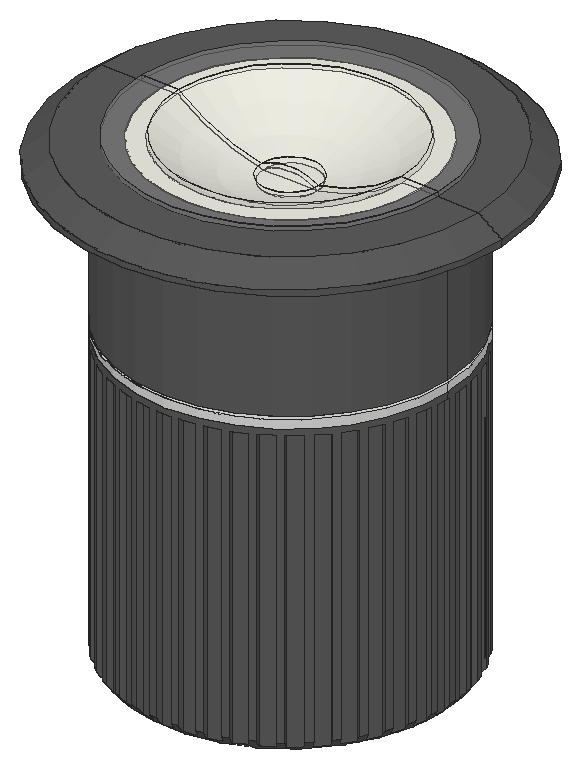
Revit family "STH7707_30", category Luminárias, Revit 2023
Family settings
  Hospedeiro = Piso
  Cota do conector redondo = Utilizar diâmetro
  Tipo de parte = Normal
  Sempre na vertical = Sim
  Corte com vazios quando carregada = Sim
  Fonte luminosa = Sim
  Manter orientação da anotação = Não
  Compartilhado = Não
  Ponto de cálculo do ambiente = Não
Parameters (values of type "STH7707/30 - BIVOLT")
  Ângulo de inclinação = -90.00°
  Ângulo de Abertura = "30°"
  Wattage = 4.30855 W
  Vidro = Vidro
  URL = "https://stella.com.br/"
  Troca de temperatura da cor de lâmpada com esmaecimento = <Nenhum>
  Tensão Elétrica = "100V-240V"
  built-in parameter 1150107 = 3000 (stored number, unit not read)
  Temperatura da cor (K) = 3000 K
  Silicone = Borracha Silicone
  Referência = "STH7707/30"
  Potência = 10 W
  built-in parameter 1150110 = 1 (stored number, unit not read)
  built-in parameter 1150109 = 1 (stored number, unit not read)
  built-in parameter 1114218 = 1 (stored number, unit not read)
  built-in parameter 1150112 = 1 (stored number, unit not read)
  built-in parameter 1150113 = 1 (stored number, unit not read)
  built-in parameter 1150142 = "IESNA:LM-63-2002\r\n[TEST] Viso LabSpion - serial: 0680502858 sensor serial: 0945471843\r\n[TESTLAB] Viso LabSpion - serial: 0680502858 sensor serial: 0945471843 - Test lab\r\n[MANUFAC] N/A\r\n[ISSUEDATE] 30/07/2019\r\n[LUMINAIRE] STELLA - STH7707/30 - FOCCO 30° 10W\r\n[LUMCAT] N/A\r\n[_SERIALNUMBER] VFR-190730-1499-MS\r\nTILT=NONE\r\n1 676 1 181 9 1 2 0 0.09 0\r\n1.0 1.0 8.70\r\n0 1 2 3 4 5 6 7 8 9 10 11 12 13 14 15 16 17 18 19 20 21 22 23 24 25 26 27 28 29 30 31 32 33 34 35 36 37 38 39 40 41 42 43 44 45 46 47 48 49 50 51 52 53 54 55 56 57 58 59 60 61 62 63 64 65 66 67 68 69 70 71 72 73 74 75 76 77 78 79 80\r\n 81 82 83 84 85 86 87 88 89 90 91 92 93 94 95 96 97 98 99 100 101 102 103 104 105 106 107 108 109 110 111 112 113 114 115 116 117 118 119 120 121 122 123 124 125 126 127 128 129 130 131 132 133 134 135 136 137 138 139 140 141 142 143\r\n 144 145 146 147 148 149 150 151 152 153 154 155 156 157 158 159 160 161 162 163 164 165 166 167 168 169 170 171 172 173 174 175 176 177 178 179 180\r\n0 45 90 135 180 225 270 315 360 \r\n1856.0199 1847.1835 1817.3619 1777.217 1724.5402 1665.691 1605.1017 1541.1315 1478.3694 1417.9963 1355.8226 1287.2196 1209.9009 1129.5828 1051.1929 972.9369 894.0386 817.6659 746.5861 677.5391 608.4795 541.2737 478.8666 420.511 364.7244\r\n 312.3313 265.0784 222.457 184.2324 150.9363 123.7519 102.2134 84.8084 71.2165 61.7821 55.7881 51.9483 48.9119 46.3843 43.5018 40.5577 37.924 35.2666 32.7321 30.3763 28.0172 25.8996 24.0838 22.2318 20.5965 19.1224 17.5588 16.0504 14.8783\r\n 13.8079 12.7658 11.7397 10.8731 10.1163 9.1395 8.5072 7.9668 7.3591 6.6978 6.1517 5.3485 4.7612 4.1447 3.7586 3.2577 2.9314 2.6545 2.4128 2.0972 1.8257 1.6465 1.5037 1.4739 1.2921 1.1655 1.1759 0.9953 0.7081 0.6934 0.6625 0.5284 0.4541\r\n 0.4117 0.4192 0.4479 0.4717 0.4825 0.4462 0.3614 0.4339 0.4837 0.5106 0.4625 0.5204 0.4274 0.412 0.3142 0.3695 0.3806 0.3502 0.3273 0.3094 0.2515 0.4178 0.4916 0.4258 0.3893 0.4652 0.4401 0.3051 0.3793 0.3704 0.4409 0.4206 0.3966\r\n 0.4245 0 0 0 0 0 0 0 0 0 0 0 0 0 0 0 0 0 0 0 0 0 0 0 0 0 0 0 0 0 0 0 0 0 0 0 0 0 0 0 0 0 0 0 0 0 0 0 0 0 0 0 0 0 0 0 0 0 0 0 0\r\n1856.0199 1825.1528 1789.0515 1744.5126 1697.5907 1649.5708 1602.0228 1553.3595 1499.623 1436.0052 1362.3562 1280.6261 1196.6544 1115.692 1035.3015 955.6879 877.5096 799.8171 723.7203 651.6221 583.0925 516.0641 450.1224 388.4779 331.8264\r\n 280.0741 233.9434 193.6578 159.0465 131.3544 109.251 92.7037 80.3707 71.7125 65.7534 61.4004 57.5777 54.2951 51.0788 48.0252 45.0069 41.8817 38.8638 35.7729 32.7461 29.8586 27.7605 25.2604 23.332 21.2191 19.6368 17.9993 16.4348 14.9947\r\n 13.8351 12.7774 11.7856 10.5775 9.361 8.4377 7.7489 7.2565 6.5232 5.825 5.2 4.6267 4.1968 3.763 3.3881 3.105 2.7698 2.5425 2.2703 1.9762 1.6727 1.5084 1.2808 1.1573 1.1287 0.9298 0.8693 0.9393 0.814 0.697 0.6511 0.4839 0.4554 0.5068\r\n 0.3182 0.4693 0.3892 0.4711 0.4545 0.3626 0.2626 0.2849 0.4756 0.3523 0.2973 0.4121 0.4537 0.3663 0.3365 0.4328 0.4943 0.4233 0.4208 0.4681 0.3657 0.4239 0.4054 0.3978 0.4272 0.3764 0.4231 0.3698 0.3417 0.4279 0.3652 0 0 0 0 0 0 0\r\n 0 0 0 0 0 0 0 0 0 0 0 0 0 0 0 0 0 0 0 0 0 0 0 0 0 0 0 0 0 0 0 0 0 0 0 0 0 0 0 0 0 0 0 0 0 0 0 0 0 0 0 0 0 0 0\r\n1856.0199 1826.103 1792.625 1751.9371 1708.1799 1663.1589 1616.3324 1570.0458 1519.8782 1460.087 1388.5355 1313.6702 1233.5322 1151.8995 1069.4246 987.8607 908.8546 833.1157 758.1766 682.6037 610.1344 541.7474 478.9739 419.1391 362.7729\r\n 310.2215 261.3725 218.154 181.4225 150.6304 125.1387 105.1671 90.1324 79.2654 71.2559 65.388 60.7431 56.9877 53.4586 50.2661 47.4177 44.4545 41.2764 37.9396 34.8294 32.0038 29.5699 27.1041 24.7842 22.5777 20.724 19.003 17.5949 16.1545\r\n 14.46 13.2325 11.9513 10.958 9.9031 8.9688 8.2345 7.3498 6.7069 6.2363 5.4581 4.9309 4.3527 3.8234 3.3488 3.1884 2.9613 2.6701 2.1655 1.8822 1.7797 1.4856 1.3865 1.0306 1.0697 0.9312 0.8352 0.7737 0.7074 0.6591 0.559 0.5057 0.5499\r\n 0.4764 0.3868 0.4131 0.4203 0.4939 0.4379 0.3893 0.434 0.3792 0.4292 0.5409 0.4608 0.3975 0.3794 0.4124 0.3687 0.3594 0.4064 0.4349 0.3625 0.3976 0.3053 0.3347 0.4176 0.3487 0.2391 0.3344 0.221 0.3649 0.3986 0.4327 0.2446 0 0 0 0\r\n 0 0 0 0 0 0 0 0 0 0 0 0 0 0 0 0 0 0 0 0 0 0 0 0 0 0 0 0 0 0 0 0 0 0 0 0 0 0 0 0 0 0 0 0 0 0 0 0 0 0 0 0 0 0 0 0 0 0\r\n1856.0199 1847.6857 1820.2887 1779.2296 1730.0377 1675.1775 1615.8706 1557.1313 1502.7097 1447.7246 1384.9869 1315.3824 1240.9352 1165.0938 1081.7012 1000.6268 924.1931 849.8394 778.8088 708.9875 640.3965 572.8216 507.9388 447.407\r\n 392.3639 340.5829 291.5989 246.4525 207.2686 173.3466 141.255 112.6517 90.8034 75.2182 64.204 56.5433 51.2392 47.6113 44.9361 42.3524 39.6165 37.1717 34.7885 32.4908 30.3108 28.3535 26.3718 24.3071 22.4277 20.805 19.2697 17.8016 16.3767\r\n 15.1789 13.9377 12.9719 12.0461 11.1192 10.0522 9.2436 8.0518 7.647 7.3967 6.481 5.6379 5.2506 4.5075 4.1281 3.7129 3.3773 3.0868 2.6496 2.2622 2.0892 1.848 1.5282 1.4833 1.2091 1.0936 1.0614 1.169 0.9589 0.7594 0.6724 0.6978 0.6847\r\n 0.502 0.4469 0.4503 0.3731 0.3684 0.4187 0.4317 0.3914 0.3539 0.3693 0.4026 0.441 0.4204 0.4599 0.4362 0.4616 0.5067 0.4359 0.3162 0.4255 0.4019 0.4507 0.4085 0.3004 0.4184 0.3519 0.4353 0.3731 0.4324 0.468 0.2973 0.3806 0 0 0 0 0\r\n 0 0 0 0 0 0 0 0 0 0 0 0 0 0 0 0 0 0 0 0 0 0 0 0 0 0 0 0 0 0 0 0 0 0 0 0 0 0 0 0 0 0 0 0 0 0 0 0 0 0 0 0 0 0 0 0 0 0\r\n1856.0199 1860.77 1845.4161 1809.3956 1760.9161 1698.6111 1628.2474 1549.8319 1468.0138 1386.9287 1311.1381 1241.6046 1175.2529 1105.7362 1038.6661 968.8865 897.6993 828.1138 763.5463 702.7675 643.6896 585.3491 526.8349 470.2564 414.7215\r\n 361.7335 312.7551 267.5748 227.6617 191.8671 158.5455 128.8885 103.9191 83.5635 68.6482 58.583 51.8245 47.6497 45.1229 42.9007 40.8944 39.1032 37.1289 35.2153 33.3632 31.5997 29.9531 28.2436 26.4352 24.7436 22.8621 21.4363 19.844\r\n 18.4199 16.8902 15.494 14.4777 13.0534 12.1374 10.6415 9.756 8.8858 8.0469 7.3653 6.6481 6.093 5.7358 5.0884 4.3353 3.9209 3.43 3.1072 2.677 2.4027 2.1328 1.8149 1.7578 1.5733 1.321 1.098 1.1145 1.0769 0.9048 0.795 0.8193 0.8133 0.6691\r\n 0.5265 0.4711 0.4704 0.4042 0.3766 0.4461 0.4938 0.4768 0.423 0.3633 0.4387 0.4083 0.4002 0.4436 0.3961 0.2935 0.4803 0.4846 0.5069 0.3689 0.305 0.4416 0.3855 0.4208 0.3823 0.5369 0.3741 0.5318 0.5847 0.4667 0.3658 0.4385 0.4391 0\r\n 0 0 0 0 0 0 0 0 0 0 0 0 0 0 0 0 0 0 0 0 0 0 0 0 0 0 0 0 0 0 0 0 0 0 0 0 0 0 0 0 0 0 0 0 0 0 0 0 0 0 0 0 0 0 0 0 0 0 0 0\r\n1856.0199 1865.9092 1859.3761 1834.3198 1790.812 1737.0959 1671.2288 1588.5221 1496.1554 1400.5186 1305.2876 1220.3638 1145.2244 1076.7704 1013.5199 951.5167 887.8338 824.2306 761.8156 701.7899 644.9415 589.5847 535.2971 482.6259 431.7222\r\n 382.9243 335.569 291.0806 251.0937 215.2421 184.3661 158.2541 135.0954 114.8022 97.395 84.3253 74.9741 68.4679 63.9647 61.029 58.8188 56.6248 54.4557 52.1754 49.8267 47.5129 45.1304 42.5259 39.7921 37.0822 34.2448 31.5585 29.053 26.4794\r\n 24.41 22.1284 20.2818 18.2617 16.5741 14.9744 13.0606 11.516 10.3561 8.9041 7.995 7.3956 6.7398 6.1212 5.4373 4.6857 4.1298 3.5845 3.1405 3.0249 2.6845 2.4027 2.2339 1.8484 1.5755 1.4422 1.2857 1.1433 1.1422 1.0137 0.8492 0.7933 0.6575\r\n 0.5512 0.5478 0.5555 0.5088 0.424 0.3455 0.4681 0.5101 0.4911 0.4232 0.4233 0.4307 0.44 0.4414 0.3511 0.4336 0.4361 0.3923 0.3672 0.2903 0.3242 0.4154 0.397 0.4056 0.4902 0.4124 0.4313 0.4504 0.4545 0.4095 0.3267 0.5005 0.4646 0.2755\r\n 0 0 0 0 0 0 0 0 0 0 0 0 0 0 0 0 0 0 0 0 0 0 0 0 0 0 0 0 0 0 0 0 0 0 0 0 0 0 0 0 0 0 0 0 0 0 0 0 0 0 0 0 0 0 0 0 0 0 0 0\r\n1856.0199 1853.9288 1841.287 1812.0833 1771.9635 1723.1543 1660.2004 1583.0002 1494.2102 1402.5355 1316.9117 1240.3091 1172.4996 1107.7903 1043.4028 978.1067 911.683 845.0784 778.9161 714.3756 651.645 592.5961 537.7528 486.5621 438.1349\r\n 391.0721 344.362 299.1681 256.8109 220.4763 189.3317 162.6137 140.8502 121.4161 103.8158 89.6494 79.6791 72.8668 68.7982 65.8871 63.0564 60.459 57.832 54.8825 52.1256 49.5822 46.9567 44.0133 41.2143 38.2465 35.6656 32.8948 30.4993\r\n 27.9141 25.578 23.536 21.424 19.6431 17.8829 16.0242 14.1612 12.5516 10.8243 9.493 8.5697 7.6801 7.057 6.3145 5.6732 5.0385 4.3397 3.8433 3.3826 3.2314 2.9464 2.4422 2.1792 2.0811 1.8675 1.5021 1.2892 1.0321 1.0827 1.0336 0.9833 0.8015\r\n 0.6964 0.6394 0.6352 0.3659 0.4002 0.4267 0.4895 0.3721 0.3585 0.293 0.3572 0.4099 0.3993 0.2382 0.2251 0.3596 0.5012 0.43 0.3829 0.4628 0.4455 0.3917 0.3301 0.403 0.3865 0.3873 0.3992 0.4498 0.4515 0.4704 0.3643 0.3731 0.3034 0.3805\r\n 0.4205 0 0 0 0 0 0 0 0 0 0 0 0 0 0 0 0 0 0 0 0 0 0 0 0 0 0 0 0 0 0 0 0 0 0 0 0 0 0 0 0 0 0 0 0 0 0 0 0 0 0 0 0 0 0 0 0 0 0 0 0\r\n1856.0199 1857.7695 1840.4025 1809.324 1767.3339 1708.1671 1632.7443 1553.556 1480.0428 1408.1226 1339.6731 1274.0771 1207.4926 1139.9257 1071.0289 998.4841 924.1899 850.6431 779.8419 713.2171 650.212 587.706 527.3264 469.958 415.6924\r\n 364.6761 315.8761 271.8439 232.8672 198.4987 166.4629 137.0346 112.1468 93.4337 78.7906 68.229 61.8869 57.8573 54.9566 52.1521 49.7273 46.9084 44.4874 42.2496 39.8803 37.6109 35.5296 32.9958 30.7348 28.5121 26.6888 24.7336 22.8375\r\n 21.1941 19.3873 17.9334 16.3212 14.9954 13.4366 12.0557 10.802 9.6856 8.7785 7.9994 7.3978 6.6495 5.9004 5.2523 4.5963 4.1332 3.7189 3.3319 3.0333 2.7478 2.3759 2.0098 1.783 1.6138 1.5236 1.352 1.0886 1.0723 0.8863 0.7621 0.8 0.8046\r\n 0.7802 0.5732 0.5075 0.4674 0.3598 0.276 0.4066 0.4592 0.3823 0.3813 0.4607 0.4836 0.4335 0.4442 0.3608 0.3968 0.2273 0.4518 0.3183 0.3189 0.4197 0.3553 0.3524 0.3316 0.3522 0.3371 0.4286 0.4417 0.4211 0.3532 0.3935 0.4908 0.43 0.4119\r\n 0.3668 0 0 0 0 0 0 0 0 0 0 0 0 0 0 0 0 0 0 0 0 0 0 0 0 0 0 0 0 0 0 0 0 0 0 0 0 0 0 0 0 0 0 0 0 0 0 0 0 0 0 0 0 0 0 0 0 0 0 0 0\r\n1856.0199 1847.1835 1817.3619 1777.217 1724.5402 1665.691 1605.1017 1541.1315 1478.3694 1417.9963 1355.8226 1287.2196 1209.9009 1129.5828 1051.1929 972.9369 894.0386 817.6659 746.5861 677.5391 608.4795 541.2737 478.8666 420.511 364.7244\r\n 312.3313 265.0784 222.457 184.2324 150.9363 123.7519 102.2134 84.8084 71.2165 61.7821 55.7881 51.9483 48.9119 46.3843 43.5018 40.5577 37.924 35.2666 32.7321 30.3763 28.0172 25.8996 24.0838 22.2318 20.5965 19.1224 17.5588 16.0504 14.8783\r\n 13.8079 12.7658 11.7397 10.8731 10.1163 9.1395 8.5072 7.9668 7.3591 6.6978 6.1517 5.3485 4.7612 4.1447 3.7586 3.2577 2.9314 2.6545 2.4128 2.0972 1.8257 1.6465 1.5037 1.4739 1.2921 1.1655 1.1759 0.9953 0.7081 0.6934 0.6625 0.5284 0.4541\r\n 0.4117 0.4192 0.4479 0.4717 0.4825 0.4462 0.3614 0.4339 0.4837 0.5106 0.4625 0.5204 0.4274 0.412 0.3142 0.3695 0.3806 0.3502 0.3273 0.3094 0.2515 0.4178 0.4916 0.4258 0.3893 0.4652 0.4401 0.3051 0.3793 0.3704 0.4409 0.4206 0.3966\r\n 0.4245 0 0 0 0 0 0 0 0 0 0 0 0 0 0 0 0 0 0 0 0 0 0 0 0 0 0 0 0 0 0 0 0 0 0 0 0 0 0 0 0 0 0 0 0 0 0 0 0 0 0 0 0 0 0 0 0 0 0 0 0\r\n"
  built-in parameter 1150132 = 2
  built-in parameter 1150137 = (empty or 0)
  Modelo = "Focco 30°"
  Luminoso = Luminoso - 3000K
  built-in parameter 1150106 = 17.665 (stored number, unit not read)
  built-in parameter 1150102 = (empty or 0)
  built-in parameter 1150105 = 1766.5 (stored number, unit not read)
  IRC (Índice de reprodução de cores) = ">80"
  Grau de proteção (IP) = "IP67"
  Fluxo Luminoso = 640 lm
  Color Filter = 16777215
  built-in parameter 1114217 = 1 (stored number, unit not read)
  built-in parameter 1150139 = (empty or 0)
  Fabricante = "Stella"
  Estrutura = Al - Preto
  Default Elevation = 0 m
  built-in parameter 1150104 = 13.8 (stored number, unit not read)
  Diâmetro = 0.078 m
  Dimerização = "Não dimerizável"
  built-in parameter 1150115 = 1 (stored number, unit not read)
  built-in parameter 1150114 = 1 (stored number, unit not read)
  Lumens = 640 lm
  built-in parameter 1150138 = (empty or 0)
  built-in parameter 1150134 = (empty or 0)
  Arquivo de rede fotométrica = "STELLA - STH7707-30 - FOCCO 30° 10W.ies"
  Altura = 0.082 m
  built-in parameter 1150133 = 10 (stored number, unit not read)
Reference planes (m)
  plane 1 "Centro (Frente/Trás)": y = 0
  plane 2: z = 0
  plane 3 "Centro (Esquerda/Direita)": x = 0
  plane 4: y = 0.039
  plane 5: y = -0.039
  plane 6: x = -0.039
  plane 7: x = 0.039
  plane 8: z = 0.004
  plane 9 "Inferior": z = -0.078
Forms (m)
  Revolve 1, solid, material "Al - Preto" <- "Estrutura"
    sketch origin (0, 0, 0) x (1, 0, 0) y (0, 0, 1)
      loop
        line (0.028, 0) -> (0.0375, 0) -> (0.0375, 0.001) -> (0.0335, 0.004) -> (0.023, 0.004) -> (0.023, 0.0032) -> (0.0265, 0.0032) -> (0.0265, -0.0265) -> (0.024249, -0.0265) -> (0.024249, -0.0755) -> (0, -0.0755) -> (0, -0.078) -> (0.026741, -0.078) -> (0.028, -0.076386) -> (0.028, 0)
      axis (0, 0.004) -> (0, -0.078)
    angle from 0 to 360
  Extrusion 2, void
    sketch origin (0, 0, 0) x (1, 0, 0) y (0, 1, 0)
      loop
        circle (0, 0) r 0.028
      loop
        circle (0, 0) r 0.027
    from -0.0265 to -0.0245
  Extrusion 3, solid, material "Borracha Silicone" <- "Silicone"
    sketch origin (0, 0, 0) x (1, 0, 0) y (0, 1, 0)
      loop
        circle (0, 0) r 0.028
      loop
        circle (0, 0) r 0.0265
    from -0.0265 to -0.025
  Extrusion 4, void
    sketch origin (0, 0, 0) x (1, 0, 0) y (0, 1, 0)
      loop
        line (-0.022066, 0.015588) -> (-0.020471, 0.01763) -> (-0.02155, 0.018568) -> (-0.023234, 0.016413) -> (-0.022066, 0.015588)
      loop
        line (-0.019682, 0.018507) -> (-0.017819, 0.020306) -> (-0.018757, 0.021386) -> (-0.020724, 0.019486) -> (-0.019682, 0.018507)
      loop
        line (-0.016916, 0.021065) -> (-0.01482, 0.022588) -> (-0.015599, 0.023787) -> (-0.017811, 0.02218) -> (-0.016916, 0.021065)
      loop
        line (-0.01382, 0.023214) -> (-0.011533, 0.024431) -> (-0.012137, 0.025727) -> (-0.014551, 0.024443) -> (-0.01382, 0.023214)
      loop
        line (-0.010456, 0.024911) -> (-0.008021, 0.025798) -> (-0.008439, 0.027165) -> (-0.011009, 0.02623) -> (-0.010456, 0.024911)
      loop
        line (-0.006887, 0.026124) -> (-0.004353, 0.026663) -> (-0.004577, 0.028075) -> (-0.007251, 0.027506) -> (-0.006887, 0.026124)
      loop
        line (-0.003185, 0.026828) -> (-0.0006, 0.027009) -> (-0.000625, 0.028439) -> (-0.003353, 0.028248) -> (-0.003185, 0.026828)
      loop
        line (0.00058, 0.02701) -> (0.003165, 0.02683) -> (0.003339, 0.028249) -> (0.000611, 0.02844) -> (0.00058, 0.02701)
      loop
        line (0.004334, 0.026667) -> (0.006868, 0.026128) -> (0.007238, 0.02751) -> (0.004563, 0.028078) -> (0.004334, 0.026667)
      loop
        line (0.008003, 0.025804) -> (0.010438, 0.024918) -> (0.010996, 0.026235) -> (0.008427, 0.027169) -> (0.008003, 0.025804)
      loop
        line (0.011517, 0.024439) -> (0.013804, 0.023223) -> (0.014541, 0.024449) -> (0.012126, 0.025732) -> (0.011517, 0.024439)
      loop
        line (0.014806, 0.022598) -> (0.016903, 0.021075) -> (0.017802, 0.022187) -> (0.01559, 0.023794) -> (0.014806, 0.022598)
      loop
        line (-0.02402, 0.012366) -> (-0.022725, 0.01461) -> (-0.023924, 0.015389) -> (-0.025291, 0.013021) -> (-0.02402, 0.012366)
      loop
        line (-0.025507, 0.008904) -> (-0.024536, 0.011306) -> (-0.025832, 0.011911) -> (-0.026857, 0.009376) -> (-0.025507, 0.008904)
      loop
        line (-0.026498, 0.005269) -> (-0.025871, 0.007782) -> (-0.027238, 0.008201) -> (-0.0279, 0.005548) -> (-0.026498, 0.005269)
      loop
        line (-0.026973, 0.001531) -> (-0.026702, 0.004107) -> (-0.028114, 0.004331) -> (-0.028401, 0.001612) -> (-0.026973, 0.001531)
      loop
        line (-0.026924, -0.002237) -> (-0.027014, 0.000353) -> (-0.028443, 0.000378) -> (-0.028349, -0.002355) -> (-0.026924, -0.002237)
      loop
        line (-0.026351, -0.005961) -> (-0.0268, -0.003409) -> (-0.028219, -0.003583) -> (-0.027745, -0.006276) -> (-0.026351, -0.005961)
      loop
        line (-0.025265, -0.009569) -> (-0.026065, -0.007105) -> (-0.027446, -0.007474) -> (-0.026602, -0.010075) -> (-0.025265, -0.009569)
      loop
        line (-0.023688, -0.012991) -> (-0.024823, -0.010662) -> (-0.02614, -0.01122) -> (-0.024942, -0.013678) -> (-0.023688, -0.012991)
      loop
        line (-0.02165, -0.01616) -> (-0.023098, -0.014012) -> (-0.024324, -0.014748) -> (-0.022796, -0.017015) -> (-0.02165, -0.01616)
      loop
        line (-0.019191, -0.019015) -> (-0.020924, -0.017089) -> (-0.022036, -0.017989) -> (-0.020207, -0.020021) -> (-0.019191, -0.019015)
      loop
        line (-0.016359, -0.021501) -> (-0.018343, -0.019834) -> (-0.019319, -0.02088) -> (-0.017225, -0.022638) -> (-0.016359, -0.021501)
      loop
        line (-0.013208, -0.023568) -> (-0.015405, -0.022194) -> (-0.016225, -0.023365) -> (-0.013907, -0.024815) -> (-0.013208, -0.023568)
      loop
        line (-0.0098, -0.025176) -> (-0.012166, -0.024121) -> (-0.012816, -0.025395) -> (-0.010319, -0.026509) -> (-0.0098, -0.025176)
      loop
        line (-0.006201, -0.026295) -> (-0.008692, -0.02558) -> (-0.009158, -0.026932) -> (-0.00653, -0.027687) -> (-0.006201, -0.026295)
      loop
        line (-0.002482, -0.026902) -> (-0.005047, -0.02654) -> (-0.005321, -0.027944) -> (-0.002614, -0.028326) -> (-0.002482, -0.026902)
      loop
        line (0.001286, -0.026986) -> (-0.001305, -0.026984) -> (-0.00138, -0.028412) -> (0.001354, -0.028414) -> (0.001286, -0.026986)
      loop
        line (0.005029, -0.026544) -> (0.002464, -0.026903) -> (0.002587, -0.028328) -> (0.005295, -0.027949) -> (0.005029, -0.026544)
      loop
        line (0.008675, -0.025586) -> (0.006184, -0.026299) -> (0.006505, -0.027692) -> (0.009134, -0.02694) -> (0.008675, -0.025586)
      loop
        line (0.012152, -0.024129) -> (0.009784, -0.025182) -> (0.010296, -0.026517) -> (0.012795, -0.025407) -> (0.012152, -0.024129)
      loop
        line (0.015392, -0.022203) -> (0.013194, -0.023575) -> (0.013887, -0.024826) -> (0.016206, -0.023378) -> (0.015392, -0.022203)
      loop
        line (0.017808, 0.020317) -> (0.019672, 0.018517) -> (0.020718, 0.019492) -> (0.018751, 0.021392) -> (0.017808, 0.020317)
      loop
        line (0.020463, 0.01764) -> (0.022058, 0.015598) -> (0.023229, 0.016419) -> (0.021546, 0.018573) -> (0.020463, 0.01764)
      loop
        line (0.022719, 0.01462) -> (0.024015, 0.012376) -> (0.025289, 0.013025) -> (0.023922, 0.015393) -> (0.022719, 0.01462)
      loop
        line (0.024533, 0.011314) -> (0.025504, 0.008912) -> (0.026856, 0.009378) -> (0.025832, 0.011913) -> (0.024533, 0.011314)
      loop
        line (0.025869, 0.007789) -> (0.026496, 0.005275) -> (0.0279, 0.005547) -> (0.027239, 0.008201) -> (0.025869, 0.007789)
      loop
        line (0.026702, 0.004111) -> (0.026972, 0.001535) -> (0.0284, 0.001609) -> (0.028115, 0.004329) -> (0.026702, 0.004111)
      loop
        line (0.027014, 0.000354) -> (0.026923, -0.002235) -> (0.028348, -0.00236) -> (0.028444, 0.000372) -> (0.027014, 0.000354)
      loop
        line (0.0268, -0.003411) -> (0.02635, -0.005962) -> (0.027743, -0.006284) -> (0.028219, -0.003591) -> (0.0268, -0.003411)
      loop
        line (0.026065, -0.007109) -> (0.025263, -0.009572) -> (0.026598, -0.010085) -> (0.027444, -0.007485) -> (0.026065, -0.007109)
      loop
        line (0.024821, -0.010668) -> (0.023685, -0.012996) -> (0.024935, -0.01369) -> (0.026135, -0.011233) -> (0.024821, -0.010668)
      loop
        line (0.023094, -0.01402) -> (0.021645, -0.016167) -> (0.022786, -0.017028) -> (0.024316, -0.014762) -> (0.023094, -0.01402)
      loop
        line (0.020918, -0.017098) -> (0.019183, -0.019023) -> (0.020194, -0.020034) -> (0.022024, -0.018003) -> (0.020918, -0.017098)
      loop
        line (0.018334, -0.019843) -> (0.016348, -0.021508) -> (0.017208, -0.02265) -> (0.019304, -0.020894) -> (0.018334, -0.019843)
    from -0.078 to -0.027505
  Revolve 5, solid, material "Luminoso - 3000K" <- "Luminoso"
    sketch origin (0, 0, 0.01) x (1, 0, 0) y (0, 0, 1)
      loop
        line (0, -0.012625) -> (0, -0.013425) -> (0.004929, -0.013425)
        arc (0.004929, -0.013425) -> (0.012996, -0.010986) -> (0.02031, -0.0068) r 0.037348
        line (0.02031, -0.0068) -> (0.023, -0.0068) -> (0.023, -0.006) -> (0.020047, -0.006)
        arc (0.020047, -0.006) -> (0.012832, -0.010185) -> (0.004857, -0.012625) r 0.036548
        line (0.004857, -0.012625) -> (0, -0.012625)
      axis (0, -0.006) -> (0, -0.013425)
    angle from 0 to 360
  Revolve 6, solid, material "Vidro" <- "Vidro"
    sketch origin (0, 0, 0.005806) x (1, 0, 0) y (0, 0, 1)
      loop
        line (0.0264, -0.001806) -> (0.0264, -0.001006) -> (0.019774, -0.001006)
        arc (0.019774, -0.001006) -> (0.012796, -0.00519) -> (0.005022, -0.00759) r 0.03389
        arc (0.005022, -0.00759) -> (0.002607, -0.006557) -> (0, -0.006244) r 0.009272
        line (0, -0.006244) -> (0, -0.007044)
        arc (0, -0.007044) -> (0.002534, -0.007367) -> (0.004857, -0.008431) r 0.008472
        arc (0.004857, -0.008431) -> (0.012853, -0.006039) -> (0.020047, -0.001806) r 0.03469
        line (0.020047, -0.001806) -> (0.0264, -0.001806)
      axis (0, -0.001006) -> (0, -0.008431)
    angle from 0 to 360
  Revolve 7, void
    sketch origin (0, 0, 0) x (1, 0, 0) y (0, 0, 1)
      loop
        line (0.028, -0.076386) -> (0.028, 0) -> (0, 0) -> (0, -0.078) -> (0.026741, -0.078) -> (0.028, -0.076386)
      axis (0, 0) -> (0, -0.078)
    angle from 0 to 360
Cuts and joins
  Extrusion 2, Extrusion 4 cuts Revolve 1
Dimensions and locks (m)
  "Diâmetro": plane 4 to plane 5
  "Altura": plane 8 to plane 9 "Inferior"
  aligned and locked: plane 2 to level
Automatic sketch dimensions
  Extrusion 3 sketch curve to Extrusion 3 sketch curve = 0 m  (x8)
  plane 6 to Extrusion 3 sketch curve = 0.0125 m
  plane 1 "Centro (Frente/Trás)" to Extrusion 3 sketch curve = 0 m
  Extrusion 3 sketch curve to plane 3 "Centro (Esquerda/Direita)" = 0 m
  Extrusion 4 sketch curve to plane 1 "Centro (Frente/Trás)" = 0.000378 m
  plane 6 to Extrusion 4 sketch curve = 0.010557 m
  Extrusion 4 sketch curve to plane 1 "Centro (Frente/Trás)" = 0.001612 m
  Extrusion 4 sketch curve to Extrusion 4 sketch curve = 0.000043 m  (x2)
  plane 1 "Centro (Frente/Trás)" to Extrusion 4 sketch curve = 0.002355 m
  Extrusion 4 sketch curve to Extrusion 4 sketch curve = 0.000095 m
  plane 1 "Centro (Frente/Trás)" to Extrusion 4 sketch curve = 0.003583 m
  Extrusion 4 sketch curve to Extrusion 4 sketch curve = 0.000129 m  (x2)
  Extrusion 4 sketch curve to plane 1 "Centro (Frente/Trás)" = 0.004331 m
  Extrusion 4 sketch curve to Extrusion 4 sketch curve = 0.000286 m  (x2)
  Extrusion 4 sketch curve to plane 1 "Centro (Frente/Trás)" = 0.005548 m
  Extrusion 4 sketch curve to Extrusion 4 sketch curve = 0.000214 m
  Extrusion 4 sketch curve to Extrusion 4 sketch curve = 0.000474 m
  Extrusion 4 sketch curve to Extrusion 4 sketch curve = 0.000299 m  (x2)
  Extrusion 4 sketch curve to Extrusion 4 sketch curve = 0.000662 m
  Extrusion 4 sketch curve to plane 1 "Centro (Frente/Trás)" = 0.000353 m
  Extrusion 4 sketch curve to Extrusion 4 sketch curve = 0.00143 m  (x2)
  Extrusion 4 sketch curve to plane 1 "Centro (Frente/Trás)" = 0.001531 m
  Extrusion 4 sketch curve to Extrusion 4 sketch curve = 0.000041 m
  plane 1 "Centro (Frente/Trás)" to Extrusion 4 sketch curve = 0.002237 m
  Extrusion 4 sketch curve to Extrusion 4 sketch curve = 0.001425 m  (x2)
  Extrusion 4 sketch curve to Extrusion 4 sketch curve = 0.000381 m
  plane 1 "Centro (Frente/Trás)" to Extrusion 4 sketch curve = 0.003409 m
  Extrusion 4 sketch curve to Extrusion 4 sketch curve = 0.000124 m
  Extrusion 4 sketch curve to plane 1 "Centro (Frente/Trás)" = 0.004107 m
  Extrusion 4 sketch curve to Extrusion 4 sketch curve = 0.001412 m  (x2)
  Extrusion 4 sketch curve to Extrusion 4 sketch curve = 0.000844 m
  Extrusion 4 sketch curve to plane 1 "Centro (Frente/Trás)" = 0.005269 m
  Extrusion 4 sketch curve to Extrusion 4 sketch curve = 0.000204 m
  plane 1 "Centro (Frente/Trás)" to Extrusion 4 sketch curve = 0.005961 m
  Extrusion 4 sketch curve to Extrusion 4 sketch curve = 0.001395 m
  Extrusion 4 sketch curve to Extrusion 4 sketch curve = 0.000463 m
  Extrusion 4 sketch curve to Extrusion 4 sketch curve = 0.001368 m  (x2)
  Extrusion 4 sketch curve to Extrusion 4 sketch curve = 0.001024 m  (x2)
  Extrusion 4 sketch curve to Extrusion 4 sketch curve = 0.000364 m
  Extrusion 4 sketch curve to Extrusion 4 sketch curve = 0.000541 m
  Extrusion 4 sketch curve to Extrusion 4 sketch curve = 0.001337 m
  Extrusion 4 sketch curve to Extrusion 4 sketch curve = 0.001198 m  (x2)
  Extrusion 4 sketch curve to Extrusion 4 sketch curve = 0.000442 m  (x2)
  Extrusion 4 sketch curve to Extrusion 4 sketch curve = 0.001296 m  (x2)
  Extrusion 4 sketch curve to Extrusion 4 sketch curve = 0.000618 m
  Extrusion 4 sketch curve to Extrusion 4 sketch curve = 0.000516 m
  Extrusion 4 sketch curve to Extrusion 4 sketch curve = 0.001367 m
  Extrusion 4 sketch curve to Extrusion 4 sketch curve = 0.001254 m
  Extrusion 4 sketch curve to Extrusion 4 sketch curve = 0.00069 m
  Extrusion 4 sketch curve to Extrusion 4 sketch curve = 0.00059 m  (x2)
  Extrusion 4 sketch curve to Extrusion 4 sketch curve = 0.001528 m
  Extrusion 4 sketch curve to Extrusion 4 sketch curve = 0.001199 m  (x2)
  Extrusion 4 sketch curve to Extrusion 4 sketch curve = 0.000659 m
  Extrusion 4 sketch curve to Extrusion 4 sketch curve = 0.00076 m
  Extrusion 4 sketch curve to Extrusion 4 sketch curve = 0.001146 m
  Extrusion 4 sketch curve to Extrusion 4 sketch curve = 0.001683 m
  Extrusion 4 sketch curve to Extrusion 4 sketch curve = 0.000726 m  (x2)
  Extrusion 4 sketch curve to Extrusion 4 sketch curve = 0.000826 m
  Extrusion 4 sketch curve to Extrusion 4 sketch curve = 0.001079 m  (x3)
  Extrusion 4 sketch curve to Extrusion 4 sketch curve = 0.001829 m
  Extrusion 4 sketch curve to Extrusion 4 sketch curve = 0.000788 m
  Extrusion 4 sketch curve to Extrusion 4 sketch curve = 0.000889 m
  Extrusion 4 sketch curve to Extrusion 4 sketch curve = 0.001016 m
  Extrusion 4 sketch curve to Extrusion 4 sketch curve = 0.001967 m
  Extrusion 4 sketch curve to Extrusion 4 sketch curve = 0.000849 m  (x2)
  Extrusion 4 sketch curve to Extrusion 4 sketch curve = 0.000938 m  (x2)
  Extrusion 4 sketch curve to Extrusion 4 sketch curve = 0.000946 m
  Extrusion 4 sketch curve to Extrusion 4 sketch curve = 0.002094 m
  Extrusion 4 sketch curve to Extrusion 4 sketch curve = 0.000903 m
  Extrusion 4 sketch curve to Extrusion 4 sketch curve = 0.000866 m
  Extrusion 4 sketch curve to Extrusion 4 sketch curve = 0.000999 m
  Extrusion 4 sketch curve to Extrusion 4 sketch curve = 0.002212 m
  Extrusion 4 sketch curve to Extrusion 4 sketch curve = 0.000954 m
  Extrusion 4 sketch curve to Extrusion 4 sketch curve = 0.000779 m  (x2)
  Extrusion 4 sketch curve to Extrusion 4 sketch curve = 0.001048 m
  Extrusion 4 sketch curve to Extrusion 4 sketch curve = 0.002318 m
  Extrusion 4 sketch curve to Extrusion 4 sketch curve = 0.001 m
  Extrusion 4 sketch curve to Extrusion 4 sketch curve = 0.000699 m
  Extrusion 4 sketch curve to Extrusion 4 sketch curve = 0.001091 m
  Extrusion 4 sketch curve to Extrusion 4 sketch curve = 0.001042 m  (x2)
  Extrusion 4 sketch curve to Extrusion 4 sketch curve = 0.002414 m
  Extrusion 4 sketch curve to Extrusion 4 sketch curve = 0.000605 m
  Extrusion 4 sketch curve to Extrusion 4 sketch curve = 0.001129 m
  Extrusion 4 sketch curve to Extrusion 4 sketch curve = 0.001077 m
  Extrusion 4 sketch curve to Extrusion 4 sketch curve = 0.002497 m
  Extrusion 4 sketch curve to Extrusion 4 sketch curve = 0.000519 m  (x2)
  Extrusion 4 sketch curve to Extrusion 4 sketch curve = 0.001161 m
  Extrusion 4 sketch curve to Extrusion 4 sketch curve = 0.001109 m  (x2)
  Extrusion 4 sketch curve to Extrusion 4 sketch curve = 0.002569 m
  Extrusion 4 sketch curve to Extrusion 4 sketch curve = 0.000418 m  (x2)
  Extrusion 4 sketch curve to Extrusion 4 sketch curve = 0.001188 m
  Extrusion 4 sketch curve to Extrusion 4 sketch curve = 0.001134 m
  Extrusion 4 sketch curve to Extrusion 4 sketch curve = 0.002628 m
  Extrusion 4 sketch curve to Extrusion 4 sketch curve = 0.000328 m
  Extrusion 4 sketch curve to Extrusion 4 sketch curve = 0.001209 m
  Extrusion 4 sketch curve to Extrusion 4 sketch curve = 0.001154 m
  Extrusion 4 sketch curve to Extrusion 4 sketch curve = 0.002674 m
  Extrusion 4 sketch curve to Extrusion 4 sketch curve = 0.000224 m
  Extrusion 4 sketch curve to Extrusion 4 sketch curve = 0.001224 m
  Extrusion 4 sketch curve to Extrusion 4 sketch curve = 0.001168 m
  Extrusion 4 sketch curve to plane 3 "Centro (Esquerda/Direita)" = 0.002614 m
  Extrusion 4 sketch curve to Extrusion 4 sketch curve = 0.000132 m
  Extrusion 4 sketch curve to Extrusion 4 sketch curve = 0.001233 m  (x2)
  Extrusion 4 sketch curve to Extrusion 4 sketch curve = 0.001177 m  (x3)
  Extrusion 4 sketch curve to plane 3 "Centro (Esquerda/Direita)" = 0.000625 m
  Extrusion 4 sketch curve to plane 3 "Centro (Esquerda/Direita)" = 0.0006 m
  plane 3 "Centro (Esquerda/Direita)" to Extrusion 4 sketch curve = 0.00058 m
  plane 3 "Centro (Esquerda/Direita)" to Extrusion 4 sketch curve = 0.000611 m
  plane 3 "Centro (Esquerda/Direita)" to Extrusion 4 sketch curve = 0.001286 m
  plane 3 "Centro (Esquerda/Direita)" to Extrusion 4 sketch curve = 0.001354 m
  Extrusion 4 sketch curve to Extrusion 4 sketch curve = 0.002585 m
  Extrusion 4 sketch curve to Extrusion 4 sketch curve = 0.000174 m
  Extrusion 4 sketch curve to Extrusion 4 sketch curve = 0.001169 m
  Extrusion 4 sketch curve to Extrusion 4 sketch curve = 0.001225 m
  Extrusion 4 sketch curve to Extrusion 4 sketch curve = 0.002566 m
  Extrusion 4 sketch curve to Extrusion 4 sketch curve = 0.000266 m
  Extrusion 4 sketch curve to Extrusion 4 sketch curve = 0.001155 m
  Extrusion 4 sketch curve to Extrusion 4 sketch curve = 0.00121 m
  Extrusion 4 sketch curve to Extrusion 4 sketch curve = 0.002534 m
  Extrusion 4 sketch curve to Extrusion 4 sketch curve = 0.00037 m
  Extrusion 4 sketch curve to Extrusion 4 sketch curve = 0.001135 m
  Extrusion 4 sketch curve to Extrusion 4 sketch curve = 0.001189 m
  Extrusion 4 sketch curve to Extrusion 4 sketch curve = 0.002491 m
  Extrusion 4 sketch curve to Extrusion 4 sketch curve = 0.000459 m
  Extrusion 4 sketch curve to Extrusion 4 sketch curve = 0.001162 m
  Extrusion 4 sketch curve to Extrusion 4 sketch curve = 0.002435 m
  Extrusion 4 sketch curve to Extrusion 4 sketch curve = 0.000559 m
  Extrusion 4 sketch curve to Extrusion 4 sketch curve = 0.00113 m
  Extrusion 4 sketch curve to Extrusion 4 sketch curve = 0.002367 m
  Extrusion 4 sketch curve to Extrusion 4 sketch curve = 0.000643 m
  Extrusion 4 sketch curve to Extrusion 4 sketch curve = 0.002288 m
  Extrusion 4 sketch curve to Extrusion 4 sketch curve = 0.001092 m
  Extrusion 4 sketch curve to Extrusion 4 sketch curve = 0.000736 m
  Extrusion 4 sketch curve to Extrusion 4 sketch curve = 0.001002 m  (x2)
  Extrusion 4 sketch curve to Extrusion 4 sketch curve = 0.002198 m
  Extrusion 4 sketch curve to Extrusion 4 sketch curve = 0.001049 m
  Extrusion 4 sketch curve to Extrusion 4 sketch curve = 0.000814 m
  Extrusion 4 sketch curve to Extrusion 4 sketch curve = 0.000956 m
  Extrusion 4 sketch curve to Extrusion 4 sketch curve = 0.002096 m
  Extrusion 4 sketch curve to Extrusion 4 sketch curve = 0.0009 m
  Extrusion 4 sketch curve to Extrusion 4 sketch curve = 0.000905 m
  Extrusion 4 sketch curve to Extrusion 4 sketch curve = 0.001985 m
  Extrusion 4 sketch curve to Extrusion 4 sketch curve = 0.000948 m
  Extrusion 4 sketch curve to Extrusion 4 sketch curve = 0.00097 m  (x2)
  Extrusion 4 sketch curve to Extrusion 4 sketch curve = 0.001864 m
  Extrusion 4 sketch curve to Extrusion 4 sketch curve = 0.00089 m
  Extrusion 4 sketch curve to Extrusion 4 sketch curve = 0.000791 m
  Extrusion 4 sketch curve to Extrusion 4 sketch curve = 0.001046 m
  Extrusion 4 sketch curve to Extrusion 4 sketch curve = 0.001734 m
  Extrusion 4 sketch curve to Extrusion 4 sketch curve = 0.000828 m
  Extrusion 4 sketch curve to Extrusion 4 sketch curve = 0.000727 m
  Extrusion 4 sketch curve to Extrusion 4 sketch curve = 0.001107 m
  Extrusion 4 sketch curve to Extrusion 4 sketch curve = 0.001595 m
  Extrusion 4 sketch curve to Extrusion 4 sketch curve = 0.000661 m
  Extrusion 4 sketch curve to Extrusion 4 sketch curve = 0.000762 m
  Extrusion 4 sketch curve to Extrusion 4 sketch curve = 0.00145 m
  Extrusion 4 sketch curve to Extrusion 4 sketch curve = 0.001171 m
  Extrusion 4 sketch curve to Extrusion 4 sketch curve = 0.000692 m
  Extrusion 4 sketch curve to Extrusion 4 sketch curve = 0.001295 m
  Extrusion 4 sketch curve to Extrusion 4 sketch curve = 0.001222 m
  Extrusion 4 sketch curve to Extrusion 4 sketch curve = 0.001137 m
  Extrusion 4 sketch curve to Extrusion 4 sketch curve = 0.000619 m
  Extrusion 4 sketch curve to Extrusion 4 sketch curve = 0.001274 m
  Extrusion 4 sketch curve to Extrusion 4 sketch curve = 0.000543 m
  Extrusion 4 sketch curve to Extrusion 4 sketch curve = 0.000366 m
  Extrusion 4 sketch curve to Extrusion 4 sketch curve = 0.000801 m
  Extrusion 4 sketch curve to Extrusion 4 sketch curve = 0.001313 m
  plane 1 "Centro (Frente/Trás)" to Extrusion 4 sketch curve = 0.005962 m
  Extrusion 4 sketch curve to Extrusion 4 sketch curve = 0.000285 m
  Extrusion 4 sketch curve to plane 1 "Centro (Frente/Trás)" = 0.005275 m
  Extrusion 4 sketch curve to Extrusion 4 sketch curve = 0.000627 m
  Extrusion 4 sketch curve to Extrusion 4 sketch curve = 0.000464 m
  Extrusion 4 sketch curve to plane 1 "Centro (Frente/Trás)" = 0.004111 m
  Extrusion 4 sketch curve to Extrusion 4 sketch curve = 0.000206 m
  plane 1 "Centro (Frente/Trás)" to Extrusion 4 sketch curve = 0.003411 m
  Extrusion 4 sketch curve to Extrusion 4 sketch curve = 0.000451 m
  Extrusion 4 sketch curve to Extrusion 4 sketch curve = 0.001352 m
  plane 1 "Centro (Frente/Trás)" to Extrusion 4 sketch curve = 0.002235 m
  Extrusion 4 sketch curve to Extrusion 4 sketch curve = 0.000123 m
  Extrusion 4 sketch curve to plane 1 "Centro (Frente/Trás)" = 0.001535 m
  Extrusion 4 sketch curve to Extrusion 4 sketch curve = 0.00027 m
  Extrusion 4 sketch curve to plane 1 "Centro (Frente/Trás)" = 0.000354 m
  Extrusion 4 sketch curve to Extrusion 4 sketch curve = 0.000042 m
  Extrusion 4 sketch curve to Extrusion 4 sketch curve = 0.000383 m
  Extrusion 4 sketch curve to Extrusion 4 sketch curve = 0.001379 m
  Extrusion 4 sketch curve to plane 1 "Centro (Frente/Trás)" = 0.005547 m
  Extrusion 4 sketch curve to Extrusion 4 sketch curve = 0.001404 m
  Extrusion 4 sketch curve to plane 1 "Centro (Frente/Trás)" = 0.004329 m
  Extrusion 4 sketch curve to Extrusion 4 sketch curve = 0.000215 m
  plane 1 "Centro (Frente/Trás)" to Extrusion 4 sketch curve = 0.003591 m
  Extrusion 4 sketch curve to Extrusion 4 sketch curve = 0.001418 m
  plane 1 "Centro (Frente/Trás)" to Extrusion 4 sketch curve = 0.00236 m
  Extrusion 4 sketch curve to plane 1 "Centro (Frente/Trás)" = 0.001609 m
  Extrusion 4 sketch curve to Extrusion 4 sketch curve = 0.001428 m
  Extrusion 4 sketch curve to plane 1 "Centro (Frente/Trás)" = 0.000372 m
  Extrusion 4 sketch curve to Extrusion 4 sketch curve = 0.000315 m
  Extrusion 4 sketch curve to Extrusion 4 sketch curve = 0.000322 m
  Extrusion 4 sketch curve to Extrusion 4 sketch curve = 0.001144 m
  Extrusion 4 sketch curve to Extrusion 4 sketch curve = 0.001147 m
  Extrusion 4 sketch curve to Extrusion 4 sketch curve = 0.001201 m
  Extrusion 4 sketch curve to Extrusion 4 sketch curve = 0.002464 m  (x2)
  Extrusion 4 sketch curve to Extrusion 4 sketch curve = 0.000506 m
  Extrusion 4 sketch curve to Extrusion 4 sketch curve = 0.000513 m
  Extrusion 4 sketch curve to Extrusion 4 sketch curve = 0.001093 m
  Extrusion 4 sketch curve to Extrusion 4 sketch curve = 0.001096 m
  Extrusion 4 sketch curve to Extrusion 4 sketch curve = 0.001145 m
  Extrusion 4 sketch curve to Extrusion 4 sketch curve = 0.001148 m
  Extrusion 4 sketch curve to Extrusion 4 sketch curve = 0.002329 m
  Extrusion 4 sketch curve to Extrusion 4 sketch curve = 0.002328 m
  Extrusion 4 sketch curve to Extrusion 4 sketch curve = 0.000687 m
  Extrusion 4 sketch curve to Extrusion 4 sketch curve = 0.000694 m
  Extrusion 4 sketch curve to Extrusion 4 sketch curve = 0.001021 m
  Extrusion 4 sketch curve to Extrusion 4 sketch curve = 0.001023 m
  Extrusion 4 sketch curve to Extrusion 4 sketch curve = 0.00107 m
  Extrusion 4 sketch curve to Extrusion 4 sketch curve = 0.001072 m
  Extrusion 4 sketch curve to Extrusion 4 sketch curve = 0.002148 m
  Extrusion 4 sketch curve to Extrusion 4 sketch curve = 0.002147 m
  Extrusion 4 sketch curve to Extrusion 4 sketch curve = 0.000855 m
  Extrusion 4 sketch curve to Extrusion 4 sketch curve = 0.000861 m
  Extrusion 4 sketch curve to Extrusion 4 sketch curve = 0.000929 m
  Extrusion 4 sketch curve to Extrusion 4 sketch curve = 0.000931 m
  Extrusion 4 sketch curve to Extrusion 4 sketch curve = 0.000973 m
  Extrusion 4 sketch curve to Extrusion 4 sketch curve = 0.000975 m
  Extrusion 4 sketch curve to Extrusion 4 sketch curve = 0.001926 m
  Extrusion 4 sketch curve to Extrusion 4 sketch curve = 0.001925 m
  Extrusion 4 sketch curve to Extrusion 4 sketch curve = 0.000819 m
  Extrusion 4 sketch curve to Extrusion 4 sketch curve = 0.000821 m
  Extrusion 4 sketch curve to Extrusion 4 sketch curve = 0.001006 m
  Extrusion 4 sketch curve to Extrusion 4 sketch curve = 0.001012 m
  Extrusion 4 sketch curve to Extrusion 4 sketch curve = 0.000858 m
  Extrusion 4 sketch curve to Extrusion 4 sketch curve = 0.000859 m
  Extrusion 4 sketch curve to Extrusion 4 sketch curve = 0.001666 m
  Extrusion 4 sketch curve to Extrusion 4 sketch curve = 0.001664 m
  Extrusion 4 sketch curve to Extrusion 4 sketch curve = 0.000693 m
  Extrusion 4 sketch curve to Extrusion 4 sketch curve = 0.000695 m
  Extrusion 4 sketch curve to Extrusion 4 sketch curve = 0.001138 m
  Extrusion 4 sketch curve to Extrusion 4 sketch curve = 0.001143 m
  Extrusion 4 sketch curve to Extrusion 4 sketch curve = 0.000728 m
  Extrusion 4 sketch curve to Extrusion 4 sketch curve = 0.001374 m
  Extrusion 4 sketch curve to Extrusion 4 sketch curve = 0.001372 m
  Extrusion 4 sketch curve to Extrusion 4 sketch curve = 0.000554 m
  Extrusion 4 sketch curve to Extrusion 4 sketch curve = 0.000555 m
  Extrusion 4 sketch curve to Extrusion 4 sketch curve = 0.001247 m
  Extrusion 4 sketch curve to Extrusion 4 sketch curve = 0.001251 m
  Extrusion 4 sketch curve to Extrusion 4 sketch curve = 0.001055 m
  Extrusion 4 sketch curve to Extrusion 4 sketch curve = 0.001052 m
  Extrusion 4 sketch curve to Extrusion 4 sketch curve = 0.00058 m
  Extrusion 4 sketch curve to Extrusion 4 sketch curve = 0.000581 m
  Extrusion 4 sketch curve to Extrusion 4 sketch curve = 0.000403 m
  Extrusion 4 sketch curve to Extrusion 4 sketch curve = 0.000404 m
  Extrusion 4 sketch curve to Extrusion 4 sketch curve = 0.000716 m
  Extrusion 4 sketch curve to Extrusion 4 sketch curve = 0.000713 m
  Extrusion 4 sketch curve to Extrusion 4 sketch curve = 0.001332 m
  Extrusion 4 sketch curve to Extrusion 4 sketch curve = 0.001335 m
